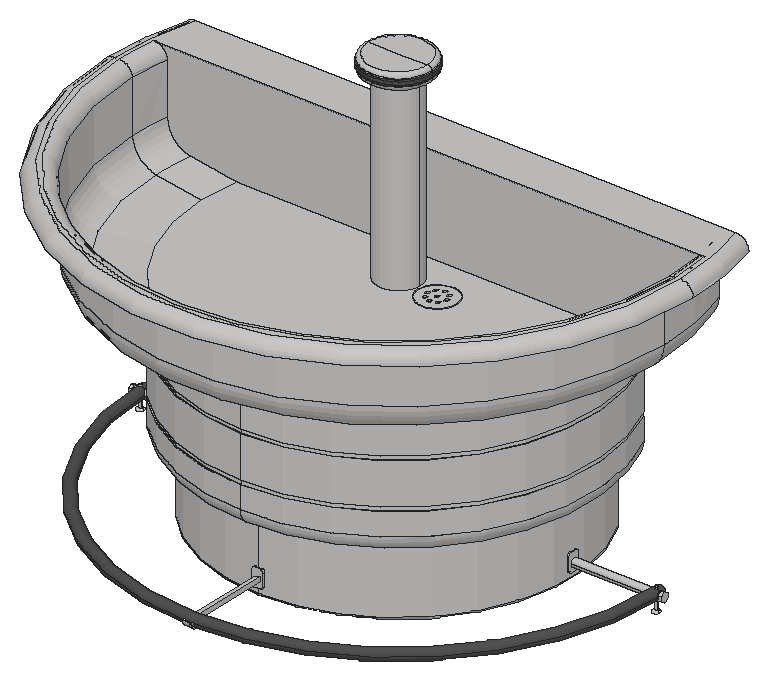
Revit family "Washfountain_Lavatory-Bradley_Corp-WF2704-Type_O_Drain", category Plumbing Fixtures, Revit 2012 (continued)
Automatic sketch dimensions
  curve 68 to plane 3 "Center (Left/Right)" = 1.023"
  curve 162 to curve 67 = 1.63454"
  plane 4 "Left" to curve 26 = 11.27596"
  curve 26 to curve 25 = 0.21401"
  curve 25 to curve 32 = 1.98272"
  curve 30 to curve 32 = 0.000"
  curve 29 to curve 30 = 0.000"
  curve 27 to curve 28 = 0.000"
  plane 4 "Left" to curve 33 = 2.48644"
  level to curve 162 = 0.92558"
  level to curve 69 = 1.069"
  level to curve 67 = 1.069"
  curve 69 to curve 70 = 4.007"
  curve 68 to curve 70 = 0.000"
  level to curve 26 = 6.04595"
  curve 26 to curve 25 = 0.31292"
  curve 25 to curve 27 = 3.563"
  curve 27 to curve 28 = 0.1875"
  curve 28 to curve 29 = 0.1875"
  curve 29 to curve 30 = 3.8125"
  curve 30 to curve 31 = 0.1875"
  curve 31 to curve 32 = 0.1875"
  plane 3 "Center (Left/Right)" to Extrusion 15 sketch curve = 0.06458"
  plane 3 "Center (Left/Right)" to Extrusion 15 sketch curve = 5.500"
  Extrusion 15 sketch curve to Extrusion 15 sketch curve = 0.06458"  (x2)
  Extrusion 15 sketch curve to plane 3 "Center (Left/Right)" = 0.06458"
  Extrusion 15 sketch curve to plane 3 "Center (Left/Right)" = 5.500"
  plane 12 to Extrusion 15 sketch curve = 3.13814"  (x2)
  Extrusion 15 sketch curve to Extrusion 15 sketch curve = 0.11186"
  Extrusion 15 sketch curve to plane 12 = 6.38814"
  Extrusion 16 sketch curve to plane 6 "Towel Dispenser" = 0.000"
  Extrusion 16 sketch curve to Extrusion 16 sketch curve = 2.250"
  Extrusion 16 sketch curve to Extrusion 16 sketch curve = 4.000"
  Extrusion 17 sketch curve to plane 6 "Towel Dispenser" = 0.000"
  Extrusion 17 sketch curve to Extrusion 17 sketch curve = 2.250"
  Extrusion 17 sketch curve to Extrusion 17 sketch curve = 4.000"
  plane 3 "Center (Left/Right)" to Extrusion 18 sketch curve = 0.06458"
  plane 3 "Center (Left/Right)" to Extrusion 18 sketch curve = 5.500"
  Extrusion 18 sketch curve to Extrusion 18 sketch curve = 0.06458"  (x2)
  Extrusion 18 sketch curve to plane 3 "Center (Left/Right)" = 0.06458"
  Extrusion 18 sketch curve to plane 3 "Center (Left/Right)" = 5.500"
  plane 12 to Extrusion 18 sketch curve = 3.13814"  (x2)
  Extrusion 18 sketch curve to Extrusion 18 sketch curve = 0.11186"
  Extrusion 18 sketch curve to plane 12 = 6.38814"
  Split face 1 sketch curve to Extrusion 16 = 0.56845"
  Split face 1 sketch curve to Split face 1 sketch curve = 0.750"
  Split face 1 sketch curve to Extrusion 16 = 1.500"  (x2)
  Split face 2 sketch curve to Extrusion 17 = 0.56845"
  Split face 2 sketch curve to Split face 2 sketch curve = 0.750"
  Split face 2 sketch curve to Extrusion 17 = 1.500"  (x2)
  curve 79 to Extrusion 16 = 0.000"  (x3)
  curve 82 to Extrusion 16 = 2.602"
  curve 82 to curve 82 = 1.000"
  Extrusion 16 to curve 82 = 1.957"
  curve 80 to Extrusion 17 = 0.000"  (x3)
  curve 81 to Extrusion 17 = 2.602"
  curve 81 to curve 81 = 1.000"
  Extrusion 17 to curve 81 = 1.957"
  curve 7 to Masking region 21 sketch curve = 8.500"
  curve 7 to Masking region 21 sketch curve = 1.000"
  Masking region 21 sketch curve to curve 7 = 0.99987"
  curve 7 to Masking region 21 sketch curve = 4.875"
  curve 7 to Masking region 22 sketch curve = 1.000"
  Masking region 22 sketch curve to curve 7 = 0.99987"
  Masking region 22 sketch curve to curve 7 = 8.500"
  Masking region 22 sketch curve to curve 7 = 6.000"
  Masking region 23 sketch curve to plane 9 "Spray Head" = 0.000"
  Masking region 23 sketch curve to plane 13 = 0.000"
  Masking region 23 sketch curve to plane 12 = 2.000"
  plane 12 to Masking region 23 sketch curve = 2.000"
  Masking region 24 sketch curve to plane 6 "Towel Dispenser" = 0.000"
  Masking region 24 sketch curve to plane 7 "Soap Dispenser" = 8.500"
  Masking region 24 sketch curve to plane 12 = 2.000"
  plane 12 to Masking region 24 sketch curve = 2.000"
  Masking region 25 sketch curve to curve 10 = 0.000"
  Masking region 25 sketch curve to curve 10 = 4.250"
  Masking region 25 sketch curve to curve 10 = 2.000"
  Masking region 25 sketch curve to curve 10 = 0.250"
  curve 10 to Masking region 25 sketch curve = 1.000"
  Masking region 25 sketch curve to curve 10 = 1.000"
  curve 10 to Masking region 25 sketch curve = 3.38814"
  curve 10 to Masking region 25 sketch curve = 4.26314"
  Masking region 25 sketch curve to curve 10 = 1.37502"  (x2)
  Masking region 25 sketch curve to Masking region 25 sketch curve = 1.125"
  curve 10 to Masking region 25 sketch curve = 14.62567"  (x2)
  Masking region 25 sketch curve to Masking region 25 sketch curve = 0.68733"
  curve 10 to Masking region 25 sketch curve = 15.313"
  Masking region 25 sketch curve to Masking region 25 sketch curve = 1.000"
  Masking region 26 sketch curve to curve 9 = 0.000"
  Masking region 26 sketch curve to curve 9 = 1.37502"  (x2)
  Masking region 26 sketch curve to curve 9 = 6.02868"
  Masking region 26 sketch curve to Masking region 26 sketch curve = 1.94856"
  Masking region 26 sketch curve to curve 9 = 2.56458"
  curve 9 to Masking region 26 sketch curve = 1.000"  (x2)
  Masking region 26 sketch curve to curve 9 = 1.000"
  Masking region 26 sketch curve to curve 9 = 0.99987"
  curve 9 to Masking region 26 sketch curve = 2.56458"
  curve 9 to Masking region 26 sketch curve = 4.08013"
  Masking region 26 sketch curve to Masking region 26 sketch curve = 3.4641"
  curve 9 to Masking region 26 sketch curve = 14.62567"  (x2)
  curve 9 to Masking region 26 sketch curve = 15.313"  (x2)
  curve 9 to Masking region 26 sketch curve = 16.313"
  curve 108 to curve 10 = 0.000"
  curve 109 to curve 10 = 0.000"
  curve 116 to curve 10 = 0.000"
  curve 108 to curve 10 = 0.250"
  curve 108 to curve 109 = 0.11186"
  curve 10 to curve 116 = 0.73686"
  curve 10 to curve 113 = 1.000"
  curve 113 to curve 111 = 0.86186"
  curve 111 to curve 118 = 0.01928"
  curve 118 to curve 118 = 0.39728"
  curve 118 to curve 118 = 0.31998"
  curve 118 to curve 121 = 0.31998"
  curve 113 to curve 10 = 1.000"
  curve 10 to curve 114 = 0.625"
  curve 120 to curve 10 = 0.29642"
  curve 120 to curve 114 = 2.18152"
  curve 120 to curve 120 = 0.31998"  (x2)
  curve 10 to curve 115 = 3.69333"
  curve 120 to curve 120 = 0.39728"
  curve 114 to curve 112 = 4.76314"
  curve 118 to curve 118 = 0.17193"
  curve 120 to curve 114 = 0.46834"
  curve 121 to curve 115 = 2.89842"
  curve 115 to curve 115 = 1.000"
  curve 10 to curve 114 = 13.12502"
  curve 10 to curve 110 = 14.62567"
  curve 10 to curve 110 = 15.313"
  curve 10 to curve 113 = 15.313"
  curve 108 to curve 109 = 0.000"
  curve 123 to curve 122 = 0.000"
  curve 129 to curve 122 = 0.000"
  curve 130 to curve 122 = 0.000"
  curve 124 to curve 122 = 0.000"
  curve 123 to curve 122 = 2.56458"
  curve 122 to curve 129 = 1.000"
  curve 122 to curve 134 = 1.000"
  curve 122 to curve 133 = 1.000"
  curve 132 to curve 122 = 1.000"
  curve 131 to curve 132 = 0.000"
  curve 130 to curve 122 = 0.99987"
  curve 122 to curve 127 = 2.56458"
  curve 122 to curve 130 = 1.0786"
  curve 128 to curve 127 = 0.500"
  curve 122 to curve 126 = 14.12567"
  curve 126 to curve 125 = 0.500"
  curve 132 to curve 132 = 0.68733"
  curve 125 to curve 124 = 0.68733"
  curve 125 to curve 123 = 0.68733"
  curve 133 to curve 133 = 0.68733"
  curve 135 to curve 136 = 0.000"
  curve 96 to curve 136 = 1.37502"
  curve 96 to curve 136 = 6.02868"
  curve 84 to curve 136 = 6.02868"
  curve 93 to curve 98 = 0.9785"
  curve 93 to curve 103 = 1.17006"
  curve 103 to curve 103 = 0.55422"  (x2)
  curve 103 to curve 136 = 0.29642"
  curve 103 to curve 103 = 0.10867"
  curve 103 to curve 96 = 0.36284"
  curve 101 to curve 93 = 0.43861"
  curve 101 to curve 100 = 0.10867"
  curve 101 to curve 136 = 0.30441"
  curve 136 to curve 102 = 0.24981"
  curve 101 to curve 135 = 0.75019"
  curve 136 to curve 83 = 1.000"
  curve 135 to curve 94 = 0.41987"
  curve 83 to curve 92 = 1.93542"
  curve 92 to curve 91 = 0.12917"
  curve 90 to curve 136 = 1.41987"
  curve 83 to curve 136 = 1.000"
  curve 90 to curve 135 = 0.420"
  curve 105 to curve 136 = 0.35848"
  curve 105 to curve 106 = 0.10867"
  curve 136 to curve 105 = 0.30441"
  curve 136 to curve 86 = 0.52868"
  curve 88 to curve 105 = 0.32994"
  curve 136 to curve 99 = 1.50718"
  curve 104 to curve 97 = 2.42006"
  curve 97 to curve 107 = 0.4715"
  curve 107 to curve 107 = 0.55422"  (x2)
  curve 107 to curve 107 = 0.10867"
  curve 97 to curve 87 = 2.750"
  curve 136 to curve 105 = 0.29642"
  curve 103 to curve 103 = 0.04026"
  curve 105 to curve 105 = 0.04026"
  curve 106 to curve 97 = 1.0786"
  curve 93 to curve 98 = 2.602"
  curve 136 to curve 99 = 3.97702"
  curve 98 to curve 98 = 1.000"
  curve 99 to curve 99 = 1.000"
  curve 136 to curve 96 = 13.12502"
  curve 136 to curve 97 = 13.12502"
  curve 136 to curve 95 = 14.62567"
  curve 136 to curve 88 = 14.62567"
  curve 136 to curve 86 = 15.313"
  Extrusion 21 sketch curve to Extrusion 21 sketch curve = 0.000"  (x6)
  Extrusion 21 sketch curve to plane 12 = 0.5533"  (x3)
  plane 3 "Center (Left/Right)" to Extrusion 21 sketch curve = 5.750"
  Extrusion 21 sketch curve to Extrusion 21 sketch curve = 0.87229"
  plane 12 to Extrusion 21 sketch curve = 0.06733"  (x2)
  Extrusion 21 sketch curve to Extrusion 21 sketch curve = 0.25708"  (x4)
  Extrusion 21 sketch curve to Extrusion 21 sketch curve = 0.62063"  (x7)
  plane 12 to Extrusion 21 sketch curve = 0.32441"
  Extrusion 22 sketch curve to plane 12 = 0.5533"
  plane 3 "Center (Left/Right)" to Extrusion 22 sketch curve = 4.000"
  profile plane to Sweep 23 sketch curve = 0.500"
  profile plane to Sweep 23 sketch curve = 1.42499"
  Extrusion 24 sketch curve to plane 12 = 0.42481"
  Extrusion 24 sketch curve to plane 12 = 0.05332"
  Extrusion 24 sketch curve to plane 12 = 0.05331"
  plane 12 to Extrusion 24 sketch curve = 0.31819"
  level to Extrusion 24 sketch curve = 0.99603"
  Extrusion 24 sketch curve to Extrusion 24 sketch curve = 0.21448"  (x2)
  Extrusion 24 sketch curve to Extrusion 24 sketch curve = 0.42897"  (x2)
  Extrusion 24 sketch curve to Extrusion 24 sketch curve = 0.21449"
  Extrusion 25 sketch curve to plane 12 = 0.42481"
  Extrusion 25 sketch curve to plane 12 = 0.05332"
  Extrusion 25 sketch curve to plane 12 = 0.05331"
  plane 12 to Extrusion 25 sketch curve = 0.31819"
  level to Extrusion 25 sketch curve = 0.99603"
  Extrusion 25 sketch curve to Extrusion 25 sketch curve = 0.21448"  (x2)
  Extrusion 25 sketch curve to Extrusion 25 sketch curve = 0.42897"  (x2)
  Extrusion 25 sketch curve to Extrusion 25 sketch curve = 0.21449"
  Extrusion 26 sketch curve to plane 12 = 0.000"  (x2)
  plane 4 "Left" to Extrusion 26 sketch curve = 3.42187"
  Extrusion 26 sketch curve to plane 5 "Right" = 3.42187"
  Blend 27 sketch curve to plane 12 = 0.000"  (x2)
  plane 4 "Left" to Blend 27 sketch curve = 3.42187"  (x2)
  Blend 28 sketch curve to plane 12 = 0.000"  (x2)
  Blend 28 sketch curve to plane 5 "Right" = 3.42187"  (x2)
  Masking region 27 sketch curve to curve 163 = 1.9244"
  Masking region 27 sketch curve to curve 163 = 22.00846"
  curve 163 to Masking region 27 sketch curve = 1.100"
  Masking region 27 sketch curve to Masking region 27 sketch curve = 0.80046"
  Masking region 27 sketch curve to curve 163 = 0.92558"
  curve 163 to Masking region 27 sketch curve = 22.00846"
  Extrusion 29 sketch curve to plane 12 = 0.55331"
  Extrusion 29 sketch curve to plane 12 = 0.30331"  (x2)
  plane 12 to Extrusion 29 sketch curve = 0.19669"  (x2)
  Extrusion 29 sketch curve to Extrusion 29 sketch curve = 0.250"
  level to Extrusion 29 sketch curve = 0.671"
  Extrusion 29 sketch curve to Extrusion 29 sketch curve = 1.125"
  Extrusion 30 sketch curve to plane 12 = 0.55331"
  Extrusion 30 sketch curve to plane 12 = 0.30331"
  Extrusion 30 sketch curve to Extrusion 30 sketch curve = 0.250"  (x2)
  plane 12 to Extrusion 30 sketch curve = 0.19669"  (x2)
  level to Extrusion 30 sketch curve = 0.671"
  Extrusion 30 sketch curve to Extrusion 30 sketch curve = 1.125"
  Masking region 28 sketch curve to Masking region 28 sketch curve = 0.000"  (x12)
  Masking region 28 sketch curve to level = 0.000"  (x2)
  plane 4 "Left" to Masking region 28 sketch curve = 2.67187"
  Masking region 28 sketch curve to Masking region 28 sketch curve = 0.3125"  (x2)
  Masking region 28 sketch curve to Masking region 28 sketch curve = 0.1105"
  Masking region 28 sketch curve to Masking region 28 sketch curve = 0.1734"
  Masking region 28 sketch curve to Masking region 28 sketch curve = 0.17342"
  Masking region 28 sketch curve to Masking region 28 sketch curve = 0.14408"
  Masking region 28 sketch curve to Masking region 28 sketch curve = 0.207"  (x5)
  Masking region 28 sketch curve to Masking region 28 sketch curve = 0.18967"
  Masking region 28 sketch curve to Masking region 28 sketch curve = 0.240"  (x4)
  level to Masking region 28 sketch curve = 2.296"  (x2)
  Masking region 28 sketch curve to Masking region 28 sketch curve = 7.39508"
  Masking region 28 sketch curve to Masking region 28 sketch curve = 0.125"  (x2)
  Masking region 28 sketch curve to plane 5 "Right" = 11.06237"
  Masking region 28 sketch curve to plane 5 "Right" = 3.74887"
  Masking region 28 sketch curve to Masking region 28 sketch curve = 0.05033"
  level to Masking region 28 sketch curve = 0.1445"  (x4)
  Masking region 28 sketch curve to Masking region 28 sketch curve = 0.14409"  (x2)
  Masking region 28 sketch curve to Masking region 28 sketch curve = 0.20127"  (x2)
  Masking region 28 sketch curve to Masking region 28 sketch curve = 0.33574"
  level to Masking region 28 sketch curve = 0.671"  (x2)
  Masking region 28 sketch curve to Masking region 28 sketch curve = 0.78363"  (x2)
  Masking region 28 sketch curve to Masking region 28 sketch curve = 0.03488"  (x2)
  Masking region 28 sketch curve to Masking region 28 sketch curve = 0.03303"  (x2)
  Masking region 28 sketch curve to Masking region 28 sketch curve = 0.05746"
  Masking region 28 sketch curve to Masking region 28 sketch curve = 0.05747"  (x2)
  Masking region 28 sketch curve to Masking region 28 sketch curve = 0.05748"
  Masking region 28 sketch curve to Masking region 28 sketch curve = 0.09048"
  Masking region 28 sketch curve to Masking region 28 sketch curve = 0.09049"
  Masking region 28 sketch curve to Masking region 28 sketch curve = 0.07813"
  Masking region 28 sketch curve to Masking region 28 sketch curve = 0.11301"
  level to Masking region 29 sketch curve = 1.9244"
  plane 14 "Front" to Masking region 29 sketch curve = 3.51211"
  plane 12 to Masking region 29 sketch curve = 0.500"
  Masking region 29 sketch curve to Masking region 29 sketch curve = 0.49941"
  Masking region 30 sketch curve to Masking region 30 sketch curve = 0.000"  (x6)
  Masking region 30 sketch curve to level = 0.000"
  plane 14 "Front" to Masking region 30 sketch curve = 2.9127"
  Masking region 30 sketch curve to Masking region 30 sketch curve = 0.050"
  Masking region 30 sketch curve to Masking region 30 sketch curve = 0.49941"
  level to Masking region 30 sketch curve = 0.92558"  (x2)
  Masking region 30 sketch curve to Masking region 30 sketch curve = 7.1076"
  Masking region 30 sketch curve to Masking region 30 sketch curve = 0.1378"  (x2)
  Masking region 30 sketch curve to plane 12 = 0.55349"
  Masking region 30 sketch curve to plane 12 = 0.55331"
  Masking region 30 sketch curve to Masking region 30 sketch curve = 0.1285"
  Masking region 30 sketch curve to plane 12 = 0.32637"
  Masking region 30 sketch curve to plane 12 = 0.30331"
  Masking region 30 sketch curve to plane 12 = 0.30215"
  Masking region 30 sketch curve to plane 12 = 0.120"
  Masking region 30 sketch curve to plane 12 = 0.05332"
  Masking region 30 sketch curve to plane 12 = 0.05331"
  plane 12 to Masking region 30 sketch curve = 0.120"
  plane 12 to Masking region 30 sketch curve = 0.19559"
  plane 12 to Masking region 30 sketch curve = 0.19669"
  Masking region 30 sketch curve to Masking region 30 sketch curve = 0.1226"
  Masking region 30 sketch curve to Masking region 30 sketch curve = 0.20637"
  Masking region 30 sketch curve to Masking region 30 sketch curve = 0.250"
  Masking region 30 sketch curve to Masking region 30 sketch curve = 0.25134"
  level to Masking region 30 sketch curve = 0.1445"  (x2)
  Masking region 30 sketch curve to Masking region 30 sketch curve = 0.25458"
  Masking region 30 sketch curve to Masking region 30 sketch curve = 0.5265"
  Masking region 30 sketch curve to Masking region 30 sketch curve = 0.25136"
  Masking region 30 sketch curve to Masking region 30 sketch curve = 0.07367"
  Masking region 30 sketch curve to Masking region 30 sketch curve = 0.28493"  (x2)
  Masking region 30 sketch curve to Masking region 30 sketch curve = 0.42897"  (x2)
  Masking region 30 sketch curve to Masking region 30 sketch curve = 0.21449"
  Masking region 30 sketch curve to Masking region 30 sketch curve = 0.99881"
  Masking region 30 sketch curve to Masking region 30 sketch curve = 0.28491"
  Masking region 30 sketch curve to Masking region 30 sketch curve = 0.1216"
  Masking region 30 sketch curve to Masking region 30 sketch curve = 0.3716"
  Extrusion 31 sketch curve to Extrusion 31 sketch curve = 0.000"  (x4)
  level to Extrusion 31 sketch curve = 1.42499"
  plane 14 "Front" to Extrusion 31 sketch curve = 2.9127"
  Extrusion 31 sketch curve to Extrusion 31 sketch curve = 0.050"
  Extrusion 31 sketch curve to Extrusion 31 sketch curve = 0.49941"
  Extrusion 31 sketch curve to Extrusion 31 sketch curve = 0.45761"
  level to Extrusion 32 sketch curve = 1.42499"
  plane 14 "Front" to Extrusion 32 sketch curve = 3.51211"
  Extrusion 32 sketch curve to Extrusion 32 sketch curve = 0.56506"
  Extrusion 32 sketch curve to Extrusion 32 sketch curve = 0.000"
  level to Extrusion 32 sketch curve = 1.62499"
  Extrusion 32 sketch curve to Extrusion 32 sketch curve = 6.87403"
  curve 163 to Masking region 31 sketch curve = 0.9999"
  Masking region 31 sketch curve to Masking region 31 sketch curve = 0.0001"
  Masking region 31 sketch curve to Masking region 31 sketch curve = 0.1001"
  Masking region 31 sketch curve to Masking region 31 sketch curve = 0.250"  (x2)
  Masking region 31 sketch curve to Masking region 31 sketch curve = 0.15046"
  Masking region 31 sketch curve to Masking region 31 sketch curve = 0.49872"
  Masking region 31 sketch curve to Masking region 31 sketch curve = 0.500"
  Masking region 31 sketch curve to Masking region 31 sketch curve = 0.15128"
  Masking region 31 sketch curve to Masking region 31 sketch curve = 0.0998"
  Masking region 31 sketch curve to curve 163 = 0.67502"
  Masking region 31 sketch curve to Masking region 31 sketch curve = 0.54941"
  Masking region 31 sketch curve to Masking region 31 sketch curve = 0.44941"
  Masking region 31 sketch curve to Masking region 31 sketch curve = 0.1216"
  Masking region 32 sketch curve to plane 1 "Center (Front/Back)" = 0.000"
  Masking region 32 sketch curve to plane 5 "Right" = 1.13617"
  Masking region 32 sketch curve to plane 12 = 0.0533"
  plane 12 to Masking region 33 sketch curve = 1.13814"  (x2)
  plane 3 "Center (Left/Right)" to Masking region 33 sketch curve = 9.02868"
  plane 12 to Masking region 33 sketch curve = 3.13814"  (x2)
  Masking region 33 sketch curve to Masking region 33 sketch curve = 3.4641"
  Masking region 33 sketch curve to Masking region 33 sketch curve = 0.06458"  (x2)
  plane 3 "Center (Left/Right)" to Masking region 33 sketch curve = 3.52868"
  plane 3 "Center (Left/Right)" to Masking region 33 sketch curve = 0.06458"
  Masking region 33 sketch curve to plane 3 "Center (Left/Right)" = 0.06458"
  Masking region 33 sketch curve to plane 3 "Center (Left/Right)" = 3.52868"
  Masking region 33 sketch curve to plane 3 "Center (Left/Right)" = 5.500"
  Masking region 33 sketch curve to Masking region 33 sketch curve = 0.11186"
  plane 3 "Center (Left/Right)" to curve 169 = 0.06458"
  plane 3 "Center (Left/Right)" to curve 170 = 1.58013"
  plane 3 "Center (Left/Right)" to curve 169 = 5.56458"
  plane 12 to curve 170 = 2.26314"
  curve 170 to curve 169 = 1.51554"
  curve 168 to plane 3 "Center (Left/Right)" = 0.06458"
  curve 167 to plane 3 "Center (Left/Right)" = 1.58013"
  curve 168 to plane 3 "Center (Left/Right)" = 5.56458"
  plane 12 to curve 167 = 2.26314"
  curve 168 to curve 167 = 1.51554"
  curve 169 to curve 170 = 0.875"  (x2)
  curve 168 to curve 167 = 0.875"  (x2)
  curve 169 to plane 12 = 6.38814"
  curve 168 to curve 169 = 0.000"
  Masking region 34 sketch curve to plane 12 = 0.000"
  Masking region 34 sketch curve to plane 3 "Center (Left/Right)" = 0.000"
  plane 12 to Masking region 34 sketch curve = 2.250"
  plane 3 "Center (Left/Right)" to Masking region 34 sketch curve = 6.20569"
  curve 173 to plane 12 = 0.000"
  curve 173 to plane 3 "Center (Left/Right)" = 0.000"
  curve 174 to curve 173 = 4.15684"
  curve 172 to curve 172 = 2.250"
  curve 174 to curve 173 = 2.250"
  Extrusion 35 sketch curve to curve 7 = 1.500"
  Extrusion 35 sketch curve to curve 7 = 0.500"
  Extrusion 35 sketch curve to curve 7 = 35.232"
  Extrusion 35 sketch curve to curve 7 = 37.232"
  Extrusion 36 sketch curve to plane 12 = 0.05331"
  level to Extrusion 36 sketch curve = 1.425"
  Extrusion 37 sketch curve to plane 12 = 0.05331"
  level to Extrusion 37 sketch curve = 1.42499"
  Extrusion 38 sketch curve to plane 3 "Center (Left/Right)" = 0.500"
  Extrusion 38 sketch curve to plane 3 "Center (Left/Right)" = 0.250"  (x2)
  plane 3 "Center (Left/Right)" to Extrusion 38 sketch curve = 0.250"  (x2)
  Extrusion 38 sketch curve to Extrusion 38 sketch curve = 0.250"
  level to Extrusion 38 sketch curve = 0.671"
  Extrusion 38 sketch curve to Extrusion 38 sketch curve = 1.125"
  curve 163 to curve 184 = 1.100"
  curve 183 to curve 183 = 0.80046"
  curve 182 to curve 163 = 0.82558"
  curve 183 to curve 184 = 0.100"
  curve 182 to curve 182 = 0.100"
  Split face 3 sketch curve to cut or joined group of Revolve 11, Extrusion 13 = 0.000"  (x3)
  Revolve 39 sketch curve to curve 7 = 0.000"
  Revolve 39 sketch curve to Revolve 39 sketch curve = 0.000"
  Revolve 39 sketch curve to curve 7 = 3.13971"
  Revolve 39 sketch curve to Revolve 39 sketch curve = 0.06598"
  Revolve 39 sketch curve to Revolve 39 sketch curve = 1.63087"
  Revolve 39 sketch curve to curve 7 = 2.61866"
  Extrusion 40 sketch curve to curve 7 = 3.20569"
  Extrusion 40 sketch curve to Extrusion 40 sketch curve = 0.06598"  (x2)
  curve 7 to Extrusion 40 sketch curve = 3.13971"
  curve 6 to Masking region 37 sketch curve = 1.79013"
  curve 6 to Masking region 37 sketch curve = 0.79013"
  Masking region 38 sketch curve to curve 6 = 1.54013"
  Masking region 38 sketch curve to Masking region 38 sketch curve = 0.500"
  Masking region 17 sketch curve to plane 1 "Center (Front/Back)" = 0.000"
  plane 14 "Front" to Masking region 17 sketch curve = 9.000"
  plane 11 "Pedestal Height" to Masking region 17 sketch curve = 3.15525"
  Masking region 17 sketch curve to Masking region 17 sketch curve = 3.79921"
  plane 11 "Pedestal Height" to Masking region 17 sketch curve = 0.60775"
  Masking region 17 sketch curve to Masking region 17 sketch curve = 0.37728"
  Masking region 17 sketch curve to Masking region 17 sketch curve = 2.61961"
  Masking region 17 sketch curve to plane 10 "Rim Height" = 1.125"
  Masking region 17 sketch curve to Masking region 17 sketch curve = 0.04119"
  Masking region 17 sketch curve to plane 14 "Front" = 0.000"
  Masking region 18 sketch curve to plane 1 "Center (Front/Back)" = 0.000"
  plane 14 "Front" to Masking region 18 sketch curve = 2.5451"
  Masking region 18 sketch curve to plane 10 "Rim Height" = 1.125"
  plane 14 "Front" to Masking region 18 sketch curve = 0.00001"
  Masking region 13 sketch curve to plane 10 "Rim Height" = 0.000"
  Masking region 13 sketch curve to plane 11 "Pedestal Height" = 0.000"
  Masking region 13 sketch curve to plane 10 "Rim Height" = 0.00011"
  Masking region 13 sketch curve to plane 10 "Rim Height" = 1.125"
  Masking region 13 sketch curve to plane 4 "Left" = 0.000"
  Masking region 13 sketch curve to Masking region 13 sketch curve = 1.415"
  Masking region 13 sketch curve to Masking region 13 sketch curve = 0.04119"  (x2)
  plane 11 "Pedestal Height" to Masking region 13 sketch curve = 0.60775"
  Masking region 13 sketch curve to Masking region 13 sketch curve = 2.24233"
  Masking region 13 sketch curve to Masking region 13 sketch curve = 0.37728"  (x2)
  Masking region 13 sketch curve to Masking region 13 sketch curve = 4.17649"
  plane 10 "Rim Height" to Masking region 13 sketch curve = 0.00019"
  plane 4 "Left" to Masking region 13 sketch curve = 1.125"
  Masking region 13 sketch curve to plane 5 "Right" = 1.125"
  Masking region 13 sketch curve to plane 5 "Right" = 8.99924"
  Masking region 13 sketch curve to Masking region 13 sketch curve = 3.79845"
  plane 11 "Pedestal Height" to Masking region 13 sketch curve = 0.60764"
  plane 11 "Pedestal Height" to Masking region 13 sketch curve = 3.15514"
  Masking region 13 sketch curve to Masking region 13 sketch curve = 2.61961"
  Masking region 13 sketch curve to plane 10 "Rim Height" = 1.12511"
  plane 11 "Pedestal Height" to Masking region 13 sketch curve = 3.15525"
  Masking region 13 sketch curve to plane 5 "Right" = 0.000"
  Masking region 14 sketch curve to plane 4 "Left" = 0.000"
  Masking region 14 sketch curve to plane 11 "Pedestal Height" = 0.000"
  Masking region 14 sketch curve to plane 5 "Right" = 0.000"
  Masking region 14 sketch curve to plane 10 "Rim Height" = 0.000"
  Masking region 14 sketch curve to plane 10 "Rim Height" = 1.12495"  (x2)
  Masking region 14 sketch curve to Masking region 14 sketch curve = 2.57762"
  Masking region 14 sketch curve to plane 5 "Right" = 2.57762"
  curve 13 to plane 12 = 0.0533"
  Extrusion 43 sketch curve to plane 5 "Right" = 2.97048"
  Extrusion 43 sketch curve to plane 3 "Center (Left/Right)" = 0.000"
  Extrusion 43 sketch curve to Extrusion 43 sketch curve = 0.996"  (x2)
  Extrusion 43 sketch curve to Extrusion 43 sketch curve = 0.000"  (x2)
  Extrusion 43 sketch curve to plane 1 "Center (Front/Back)" = 0.000"
  plane 12 to Extrusion 43 sketch curve = 3.5782"
  Extrusion 44 sketch curve to plane 1 "Center (Front/Back)" = 0.000"
  Extrusion 44 sketch curve to plane 5 "Right" = 2.54607"
  Extrusion 44 sketch curve to plane 5 "Right" = 1.55559"
  Extrusion 44 sketch curve to plane 12 = 0.0533"  (x2)
  Extrusion 44 sketch curve to plane 3 "Center (Left/Right)" = 1.250"
  plane 4 "Left" to Extrusion 44 sketch curve = 2.58453"
  plane 4 "Left" to Extrusion 44 sketch curve = 1.59404"
  Sweep 45 sketch curve to profile plane = 0.000"
  Sweep 45 sketch curve to Sweep 45 sketch curve = 0.09252"
  Sweep 45 sketch curve to profile plane = 0.060"
  Sweep 45 sketch curve to profile plane = 1.15752"
  Sweep 45 sketch curve to Sweep 45 sketch curve = 0.000"  (x2)
  Sweep 45 sketch curve to profile plane = 0.06025"
  Sweep 45 sketch curve to Sweep 45 sketch curve = 0.410"
  Sweep 45 sketch curve to profile plane = 1.12499"
  Sweep 45 sketch curve to Sweep 45 sketch curve = 1.065"
  Sweep 45 sketch curve to profile plane = 2.6737"
  Sweep 45 sketch curve to Sweep 45 sketch curve = 2.19097"
  Sweep 45 sketch curve to Sweep 45 sketch curve = 0.36864"
  Sweep 45 sketch curve to Sweep 45 sketch curve = 4.19488"
  Sweep 45 sketch curve to Sweep 45 sketch curve = 4.67456"
  Sweep 45 sketch curve to Sweep 45 sketch curve = 0.04441"
  Sweep 45 sketch curve to Sweep 45 sketch curve = 0.61043"
  Sweep 45 sketch curve to Sweep 45 sketch curve = 0.0567"
  Sweep 45 sketch curve to Sweep 45 sketch curve = 0.00036"
  curve 71 to level = 0.000"
  curve 71 to plane 12 = 0.000"
  curve 19 to plane 1 "Center (Front/Back)" = 0.000"
  curve 18 to plane 1 "Center (Front/Back)" = 0.000"
  curve 23 to plane 1 "Center (Front/Back)" = 0.000"
  curve 24 to plane 1 "Center (Front/Back)" = 0.000"
  curve 20 to plane 1 "Center (Front/Back)" = 0.000"
  curve 22 to plane 1 "Center (Front/Back)" = 0.000"
  curve 21 to plane 1 "Center (Front/Back)" = 0.000"
  curve 17 to plane 1 "Center (Front/Back)" = 0.000"
  curve 16 to plane 1 "Center (Front/Back)" = 0.000"
  curve 156 to plane 12 = 0.05331"
  curve 161 to plane 12 = 0.120"
  curve 157 to plane 12 = 0.120"
  curve 155 to plane 12 = 0.120"
  curve 75 to plane 12 = 0.96986"
  curve 74 to curve 161 = 1.86186"
  plane 14 "Front" to curve 23 = 11.303"
  curve 22 to curve 23 = 0.21401"
  curve 16 to curve 22 = 1.97802"
  curve 17 to curve 16 = 0.000"
  curve 18 to curve 16 = 0.000"
  curve 21 to curve 17 = 0.0047"
  curve 19 to curve 21 = 0.000"
  curve 20 to curve 21 = 0.000"
  plane 14 "Front" to curve 24 = 2.54029"
  plane 12 to curve 157 = 0.120"
  plane 12 to curve 160 = 0.120"
  plane 12 to curve 155 = 0.120"
  plane 12 to curve 73 = 0.96986"
  curve 160 to curve 72 = 1.86186"
  level to curve 155 = 0.1445"
  curve 155 to curve 160 = 0.52704"
  curve 161 to curve 160 = 0.000"  (x2)
  curve 160 to curve 160 = 0.25404"
  level to curve 72 = 1.069"
  level to curve 74 = 1.069"
  curve 161 to curve 156 = 0.49942"
  curve 156 to curve 158 = 0.4994"
  curve 159 to curve 158 = 0.000"
  curve 158 to curve 157 = 0.07559"
  curve 157 to curve 75 = 3.07601"
  curve 73 to curve 75 = 0.000"
  curve 73 to curve 71 = 0.96995"
  curve 23 to curve 22 = 0.31292"
  curve 22 to curve 20 = 3.563"
  curve 20 to curve 21 = 0.21459"
  curve 21 to curve 19 = 0.16041"
  curve 19 to curve 17 = 3.8125"
  curve 17 to curve 18 = 0.20619"
  curve 18 to curve 16 = 0.16881"
  radius of curve 13 = 27.000"
  radius of curve 138 = 1.750"
  radius of curve 139 = 1.250"
  radius of curve 140 = 0.1842"
  radius of curve 141 = 0.1842"
  radius of curve 142 = 0.1842"
  radius of curve 143 = 0.1842"
  radius of curve 144 = 0.1842"
  radius of curve 145 = 0.1842"
  radius of curve 146 = 0.1842"
  radius of curve 147 = 0.1842"
  radius of curve 148 = 0.1842"
  radius of curve 67 = 0.350"
  radius of curve 68 = 0.350"
  radius of curve 69 = 0.350"
  radius of curve 70 = 0.350"
  radius of Extrusion 15 sketch curve = 2.000"
  radius of Extrusion 18 sketch curve = 2.000"
  radius of Extrusion 21 sketch curve = 0.1842"  (x9)
  radius of Extrusion 22 sketch curve = 1.750"
  radius of curve 137 to Extrusion 21 = 0.500"
  radius of Sweep 23 sketch curve = 0.49941"
  radius of Extrusion 26 sketch curve = 0.120"  (x2)
  radius of Blend 27 sketch curve = 0.120"
  radius of Blend 27 sketch curve = 0.327"
  radius of Blend 28 sketch curve = 0.120"
  radius of Blend 28 sketch curve = 0.327"
  radius of curve 171 = 2.000"
  radius of Masking region 35 sketch curve = 4.57537"
  radius of curve 175 = 3.750"
  radius of Masking region 36 sketch curve = 3.12487"
  radius of curve 176 = 2.750"
  radius of Extrusion 36 sketch curve = 0.36122"
  radius of Extrusion 37 sketch curve = 0.36122"
  radius of Extrusion 41 sketch curve = 0.500"
  radius of Extrusion 42 sketch curve = 0.250"
  radius of curve 72 = 0.350"
  radius of curve 73 = 0.350"
  radius of curve 74 = 0.350"
  radius of curve 75 = 0.350"
  radius of curve 156 = 0.36122"
Connectors (in)
  piping at (-0.875, -7, 37.375), driven by "Hot Lavatory Inlet Radius", driven by "HWFU"
    settings: on Extrusion 34, index 1, connector radius 1/4", flow factor 0, pipe flow 0.0 GPM, pressure drop 0.0 psi, fitting loss kfactor 0, connector angle 0.00°, fixture units 0, engagement length 0.000", flow configuration 3, flow direction 1, fitting loss method 0, system type 19, joint type 0, gender type 0, connector reference index -1, connector utility 0, adjustable connector no, is connector primary yes, fitting loss table "", connector description "Hot Lavatory Inlet"
  piping at (0.875, -7, 37.375), driven by "Cold Lavatory Inlet Radius", driven by "CWFU"
    settings: on Extrusion 34, index 2, connector radius 1/4", flow factor 0, pipe flow 0.0 GPM, pressure drop 0.0 psi, fitting loss kfactor 0, connector angle 0.00°, fixture units 0, engagement length 0.000", flow configuration 3, flow direction 1, fitting loss method 0, system type 20, joint type 0, gender type 0, connector reference index -1, connector utility 0, adjustable connector no, is connector primary no, fitting loss table "", connector description "Cold Lavatory Inlet"
  piping at (4, 0, 11.625), driven by "Drain Primary Radius", driven by "WFU"
    settings: on Extrusion 46, index 3, connector radius 1", flow factor 0, pipe flow 0.0 GPM, pressure drop 0.0 psi, fitting loss kfactor 0, connector angle 0.00°, fixture units 0, engagement length 0.000", flow configuration 3, flow direction 2, fitting loss method 0, system type 16, joint type 0, gender type 0, connector reference index -1, connector utility 0, adjustable connector yes, is connector primary no, fitting loss table "", connector description "Drain Primary"
  piping at (4, -8.25, 0), driven by "Drain Secondary Radius", driven by "WFU"
    settings: on Extrusion 33, index 4, connector radius 1", flow factor 0, pipe flow 0.0 GPM, pressure drop 0.0 psi, fitting loss kfactor 0, connector angle 0.00°, fixture units 0, engagement length 0.000", flow configuration 3, flow direction 2, fitting loss method 0, system type 16, joint type 0, gender type 0, connector reference index -1, connector utility 0, adjustable connector yes, is connector primary no, fitting loss table "", connector description "Drain Secondary"
  electrical at (-4, 0, 9.643), driven by "Voltage"
    settings: on Extrusion 35, index 5, voltage 110 V, apparent load 0 VA, apparent load phase1 0 VA, apparent load phase2 0 VA, apparent load phase3 0 VA, power factor 1, load classification "Other", number of poles 1, system type 31, power factor state 1, is connector primary yes, connector utility no, sub classification motor no, connector description ""
